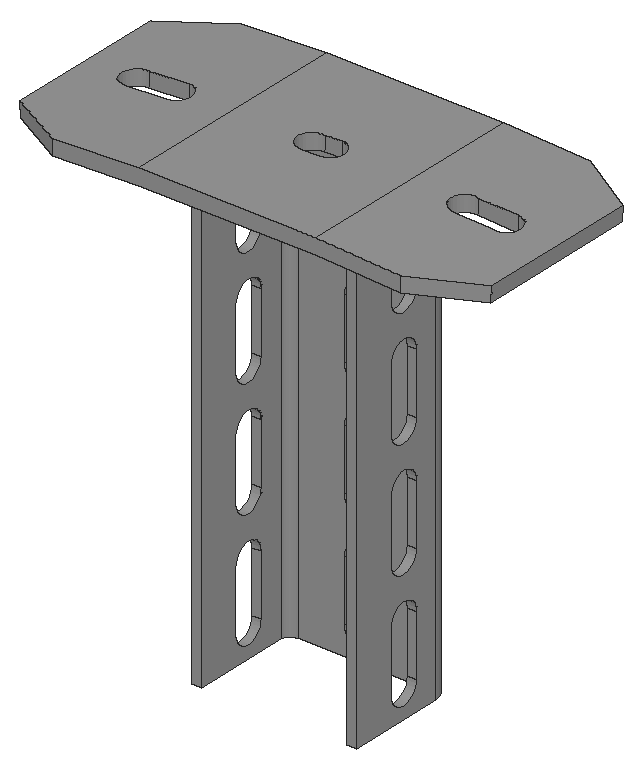
Revit family "Hängestiel - US 7 K 20 FT SO", category Generic Models, Revit 2017
Family settings
  Can host rebar = No
  Round Connector Dimension = Use Diameter
  Part Type = Normal
  Work Plane-Based = No
  Always vertical = Yes
  Cut with Voids When Loaded = No
  Shared = No
  Room Calculation Point = No
Parameters (values of type "US 7 K 20 FT SO")
  URL = "http://www.obo.bettermann.com"
  Material = Hot dip galvanised
  Manufacturer Art.No. = "7193645"
  Manufacturer = "OBO BETTERMANN"
  Length = 200 mm
  GTIN = "4012195019664"
  Cut's space = 50 mm
  Cut's number = Length / Cut's space  # 4
  Article Type = "US 7 K 20 FT SO"
Types (11, lengths in mm): name | Manufacturer Art.No. | Length | GTIN | Cut's number | Article Type
  (no name) | "7193645" | 200 | "4012195019664" | 4 | "US 7 K 20 FT SO"
  US 7 K 30 FT SO | "7193647" | 300 | "4012195019688" | 6 | "US 7 K 30 FT SO"
  US 7 K 20 FT SO | "7193645" | 200 | "4012195019664" | 4 | "US 7 K 20 FT SO"
  US 7 K 40 FT SO | "7193649" | 400 | "4012195019725" | 8 | "US 7 K 40 FT SO"
  US 7 K 50 FT SO | "7193651" | 500 | "4012195019787" | 10 | "US 7 K 50 FT SO"
  US 7 K 60 FT SO | "7193653" | 600 | "4012195019800" | 12 | "US 7 K 60 FT SO"
  US 7 K 70 FT SO | "7193655" | 700 | "4012195019848" | 14 | "US 7 K 70 FT SO"
  US 7 K 80 FT SO | "7193657" | 800 | "4012195019909" | 16 | "US 7 K 80 FT SO"
  US 7 K 90 FT SO | "7193659" | 900 | "4012195019923" | 18 | "US 7 K 90 FT SO"
  US 7 K 100 FT SO | "7193661" | 1000 | "4012196176175" | 20 | "US 7 K 100 FT SO"
  US 7 K 120 FT SO | "7193665" | 1200 | "4012195020028" | 24 | "US 7 K 120 FT SO"
Reference planes
  plane 1 "Center (Front/Back)": y = 0
  plane 2: z = 0
  plane 3 "Center (Left/Right)": x = 0
  plane 4: x = -100
  plane 5: x = 100
  plane 6: x = -37.5
  plane 7: x = 37.5
  plane 8: y = 100
  plane 9: y = 50
  plane 10: y = 85
  plane 11: y = 15
  plane 12: y = 85
  plane 13: y = 15
  plane 14: y = 50
  plane 15: x = -70
  plane 16: x = 70
  plane 17: y = 50
  plane 18: x = -70
  plane 19: x = 70
  plane 20: y = 50
  plane 21: y = 75
  plane 22: y = 25
  plane 23: x = 35
  plane 24: x = -35
  plane 25: z = -200
  plane 26: z = -5
  plane 27: z = -25
  plane 28: x = 0
  plane 29: z = -55
  plane 30: z = -75
  plane 31: x = 0
  plane 32: z = -105
  plane 33: z = -125
  plane 34: x = 0
  plane 35: z = -155
  plane 36: z = -175
  plane 37: x = 0
  plane 38: z = -5
  plane 39: y = 50
  plane 40: z = -25
  plane 41: z = -55
  plane 42: y = 50
  plane 43: z = -75
  plane 44: z = -105
  plane 45: y = 50
  plane 46: z = -125
  plane 47: z = -155
  plane 48: y = 50
  plane 49: z = -175
  plane 50: z = -5
  plane 51: y = 50.046
  plane 52: z = -25
  plane 53: z = -55
  plane 54: y = 50.046
  plane 55: z = -75
  plane 56: z = -105
  plane 57: y = 50.046
  plane 58: z = -125
  plane 59: z = -155
  plane 60: y = 50.046
  plane 61: z = -175
Forms (mm)
  Extrusion 1, solid, material "Hot dip galvanised" <- "Material"
    sketch origin (0, 0, 0) x (1, 0, 0) y (0, 0, 1)
      loop
        line (-37.5, 0) -> (37.5, 0) -> (100, -3.002) -> (100.312, 3.49) -> (37.656, 6.5) -> (-37.656, 6.5) -> (-100.312, 3.49) -> (-100, -3.002) -> (-37.5, 0)
    from 0 to -100
  Extrusion 2, void
    sketch origin (0, 0, 0) x (1, 0, 0) y (0, 1, 0)
      loop
        line (-100.312, 85) -> (-74.331, 100) -> (-100.312, 100) -> (-100.312, 85)
      loop
        line (-100.312, 15.18) -> (-100.312, 0) -> (-74.019, 0) -> (-100.312, 15.18)
      loop
        line (100.312, 84.82) -> (100.312, 100) -> (74.019, 100) -> (100.312, 84.82)
      loop
        line (100.312, 15.18) -> (74.019, 0) -> (100.312, 0) -> (100.312, 15.18)
    from -6.333 to 6.5
  Extrusion 3, void
    sketch origin (0, 0, 0) x (1, 0, 0) y (0, 1, 0)
      loop
        arc (-3.5, 56.5) -> (-10, 50) -> (-3.5, 43.5) r 6.5
        line (-3.5, 43.5) -> (3.5, 43.5)
        arc (3.5, 43.5) -> (10, 50) -> (3.5, 56.5) r 6.5
        line (3.5, 56.5) -> (-3.5, 56.5)
    from 0 to 6.5
  Extrusion 4, void
    sketch origin (0, 0, 0) x (1, 0, 0) y (0, 1, 0)
      loop
        arc (61.5, 56.5) -> (55, 50) -> (61.5, 43.5) r 6.5
        line (61.5, 43.5) -> (78.5, 43.5)
        arc (78.5, 43.5) -> (85, 50) -> (78.5, 56.5) r 6.5
        line (78.5, 56.5) -> (61.5, 56.5)
      loop
        arc (-78.5, 56.5) -> (-85, 50) -> (-78.5, 43.5) r 6.5
        line (-78.5, 43.5) -> (-61.5, 43.5)
        arc (-61.5, 43.5) -> (-55, 50) -> (-61.5, 56.5) r 6.5
        line (-61.5, 56.5) -> (-78.5, 56.5)
    from -6.333 to 6.5
  Extrusion 5, solid, material "Hot dip galvanised" <- "Material"
    sketch origin (0, 0, 0) x (1, 0, 0) y (0, 1, 0)
      loop
        line (-35, 25) -> (-31, 25) -> (-31, 67)
        arc (-31, 67) -> (-29.828, 69.828) -> (-27, 71) r 4
        line (-27, 71) -> (27, 71)
        arc (27, 71) -> (29.828, 69.828) -> (31, 67) r 4
        line (31, 67) -> (31, 25) -> (35, 25) -> (35, 67)
        arc (35, 67) -> (32.657, 72.657) -> (27, 75) r 8
        line (27, 75) -> (-27, 75)
        arc (-27, 75) -> (-32.657, 72.657) -> (-35, 67) r 8
        line (-35, 67) -> (-35, 25)
    from 0 to -200
  Extrusion 6, void
    sketch origin (0, 0, 0) x (1, 0, 0) y (0, 0, 1)
      loop
        arc (-7, -38) -> (0, -45) -> (7, -38) r 7
        line (7, -38) -> (7, -12)
        arc (7, -12) -> (0, -5) -> (-7, -12) r 7
        line (-7, -12) -> (-7, -38)
    from -71 to -75
  Extrusion 7, void
    sketch origin (0, 0, -50) x (1, 0, 0) y (0, 0, 1)
      loop
        arc (-7, -38) -> (0, -45) -> (7, -38) r 7
        line (7, -38) -> (7, -12)
        arc (7, -12) -> (0, -5) -> (-7, -12) r 7
        line (-7, -12) -> (-7, -38)
    from -71 to -75
  Extrusion 8, void
    sketch origin (0, 0, -100) x (1, 0, 0) y (0, 0, 1)
      loop
        arc (-7, -38) -> (0, -45) -> (7, -38) r 7
        line (7, -38) -> (7, -12)
        arc (7, -12) -> (0, -5) -> (-7, -12) r 7
        line (-7, -12) -> (-7, -38)
    from -71 to -75
  Extrusion 9, void
    sketch origin (0, 0, -150) x (1, 0, 0) y (0, 0, 1)
      loop
        arc (-7, -38) -> (0, -45) -> (7, -38) r 7
        line (7, -38) -> (7, -12)
        arc (7, -12) -> (0, -5) -> (-7, -12) r 7
        line (-7, -12) -> (-7, -38)
    from -71 to -75
  Extrusion 10, void
    sketch origin (0, 0, 0) x (0, 1, 0) y (0, 0, 1)
      loop
        line (57, -38) -> (57, -12.136)
        arc (57, -12.136) -> (50, -5.136) -> (43, -12.136) r 7
        line (43, -12.136) -> (43, -38)
        arc (43, -38) -> (50, -45) -> (57, -38) r 7
    from -31 to -35
  Extrusion 11, void
    sketch origin (0, 0, -50) x (0, 1, 0) y (0, 0, 1)
      loop
        line (57, -38) -> (57, -12.136)
        arc (57, -12.136) -> (50, -5.136) -> (43, -12.136) r 7
        line (43, -12.136) -> (43, -38)
        arc (43, -38) -> (50, -45) -> (57, -38) r 7
    from -31 to -35
  Extrusion 12, void
    sketch origin (0, 0, -100) x (0, 1, 0) y (0, 0, 1)
      loop
        line (57, -38) -> (57, -12.136)
        arc (57, -12.136) -> (50, -5.136) -> (43, -12.136) r 7
        line (43, -12.136) -> (43, -38)
        arc (43, -38) -> (50, -45) -> (57, -38) r 7
    from -31 to -35
  Extrusion 13, void
    sketch origin (0, 0, -150) x (0, 1, 0) y (0, 0, 1)
      loop
        line (57, -38) -> (57, -12.136)
        arc (57, -12.136) -> (50, -5.136) -> (43, -12.136) r 7
        line (43, -12.136) -> (43, -38)
        arc (43, -38) -> (50, -45) -> (57, -38) r 7
    from -31 to -35
  Extrusion 14, void
    sketch origin (0, 0, 0) x (0, 1, 0) y (0, 0, 1)
      loop
        arc (43.046, -38) -> (50.046, -45) -> (57.046, -38) r 7
        line (57.046, -38) -> (57.046, -12)
        arc (57.046, -12) -> (50.046, -5) -> (43.046, -12) r 7
        line (43.046, -12) -> (43.046, -38)
    from 31 to 35
  Extrusion 15, void
    sketch origin (0, 0, -50) x (0, 1, 0) y (0, 0, 1)
      loop
        arc (43.046, -38) -> (50.046, -45) -> (57.046, -38) r 7
        line (57.046, -38) -> (57.046, -12)
        arc (57.046, -12) -> (50.046, -5) -> (43.046, -12) r 7
        line (43.046, -12) -> (43.046, -38)
    from 31 to 35
  Extrusion 16, void
    sketch origin (0, 0, -100) x (0, 1, 0) y (0, 0, 1)
      loop
        arc (43.046, -38) -> (50.046, -45) -> (57.046, -38) r 7
        line (57.046, -38) -> (57.046, -12)
        arc (57.046, -12) -> (50.046, -5) -> (43.046, -12) r 7
        line (43.046, -12) -> (43.046, -38)
    from 31 to 35
  Extrusion 17, void
    sketch origin (0, 0, -150) x (0, 1, 0) y (0, 0, 1)
      loop
        arc (43.046, -38) -> (50.046, -45) -> (57.046, -38) r 7
        line (57.046, -38) -> (57.046, -12)
        arc (57.046, -12) -> (50.046, -5) -> (43.046, -12) r 7
        line (43.046, -12) -> (43.046, -38)
    from 31 to 35
Cuts and joins
  Extrusion 2, Extrusion 3, Extrusion 4 cuts Extrusion 1
  Extrusion 6, Extrusion 7, Extrusion 8, Extrusion 9, Extrusion 10, Extrusion 11, Extrusion 12, Extrusion 13, Extrusion 14, Extrusion 15, Extrusion 16, Extrusion 17 cuts Extrusion 5
Dimensions and locks
  locked: Extrusion 1 sketch curve to Extrusion 1 sketch curve at 200
  locked: Extrusion 1 sketch curve to Extrusion 1 sketch curve at 6.5  (x3)
  locked: Extrusion 1 sketch curve to level at 3.49  (x2)
  locked: plane 1 "Center (Front/Back)" to plane 8 at 100
  locked: plane 1 "Center (Front/Back)" to plane 9 at 50
  plane 3 "Center (Left/Right)" to plane 16 = 70 mm
  plane 15 to plane 3 "Center (Left/Right)" = 70 mm
  locked: Extrusion 3 sketch curve to Extrusion 3 sketch curve at 13
  locked: plane 14 to Extrusion 3 sketch curve at 6.5
  locked: Extrusion 3 sketch curve to plane 3 "Center (Left/Right)" at 10
  locked: plane 3 "Center (Left/Right)" to Extrusion 3 sketch curve at 10
  locked: cut or joined group of Extrusion 1, Extrusion 2, Extrusion 3, Extrusion 4 to plane 17 at 50
  plane 3 "Center (Left/Right)" to plane 19 = 70 mm
  locked: Extrusion 4 sketch curve to Extrusion 4 sketch curve at 13  (x2)
  locked: plane 17 to Extrusion 4 sketch curve at 6.5  (x2)
  locked: plane 19 to Extrusion 4 sketch curve at 15
  locked: Extrusion 4 sketch curve to plane 19 at 15
  locked: Extrusion 4 sketch curve to plane 18 at 15
  locked: plane 18 to Extrusion 4 sketch curve at 15
  locked: cut or joined group of Extrusion 1, Extrusion 2, Extrusion 3, Extrusion 4 to plane 20 at 50
  locked: Extrusion 5 sketch curve to Extrusion 5 sketch curve at 50  (x2)
  locked: Extrusion 5 sketch curve to Extrusion 5 sketch curve at 4
  locked: Extrusion 5 sketch curve to Extrusion 5 sketch curve at 62
  locked: Extrusion 5 sketch curve to Extrusion 5 sketch curve at 70
  "Length": level to plane 25
  Extrusion 5 to plane 28 = 35 mm
  locked: Extrusion 6 sketch curve to Extrusion 6 sketch curve at 14
  locked: plane 28 to Extrusion 6 sketch curve at 7
  locked: Extrusion 6 sketch curve to plane 27 at 20
  locked: plane 27 to Extrusion 6 sketch curve at 20
  locked: Extrusion 7 sketch curve to Extrusion 7 sketch curve at 14
  locked: plane 31 to Extrusion 7 sketch curve at 7
  locked: Extrusion 7 sketch curve to plane 30 at 20
  locked: plane 30 to Extrusion 7 sketch curve at 20
  equal spacing: group 1, group 2, group 3, group 4  (x2)
  equal spacing: group 4, group 3, group 2, group 1
  locked: Extrusion 8 sketch curve to Extrusion 8 sketch curve at 14
  locked: plane 34 to Extrusion 8 sketch curve at 7
  locked: Extrusion 8 sketch curve to plane 33 at 20
  locked: plane 33 to Extrusion 8 sketch curve at 20
  locked: Extrusion 9 sketch curve to Extrusion 9 sketch curve at 14
  locked: plane 37 to Extrusion 9 sketch curve at 7
  locked: Extrusion 9 sketch curve to plane 36 at 20
  locked: plane 36 to Extrusion 9 sketch curve at 20
  locked: Extrusion 10 sketch curve to Extrusion 10 sketch curve at 14
  locked: Extrusion 10 sketch curve to plane 39 at 7
  locked: plane 38 to plane 40 at 20
  locked: plane 40 to Extrusion 10 sketch curve at 20
  locked: Extrusion 11 sketch curve to Extrusion 11 sketch curve at 14
  locked: Extrusion 11 sketch curve to plane 42 at 7
  locked: plane 41 to plane 43 at 20
  locked: plane 43 to Extrusion 11 sketch curve at 20
  equal spacing: group 5, group 6, group 7, group 8  (x2)
  equal spacing: group 8, group 7, group 6, group 5
  locked: Extrusion 12 sketch curve to Extrusion 12 sketch curve at 14
  locked: Extrusion 12 sketch curve to plane 45 at 7
  locked: plane 44 to plane 46 at 20
  locked: plane 46 to Extrusion 12 sketch curve at 20
  locked: Extrusion 13 sketch curve to Extrusion 13 sketch curve at 14
  locked: Extrusion 13 sketch curve to plane 48 at 7
  locked: plane 47 to plane 49 at 20
  locked: plane 49 to Extrusion 13 sketch curve at 20
  locked: Extrusion 14 sketch curve to Extrusion 14 sketch curve at 14
  locked: plane 51 to Extrusion 14 sketch curve at 7
  locked: Extrusion 14 sketch curve to plane 52 at 20
  locked: plane 52 to Extrusion 14 sketch curve at 20
  locked: Extrusion 15 sketch curve to Extrusion 15 sketch curve at 14
  locked: plane 54 to Extrusion 15 sketch curve at 7
  locked: Extrusion 15 sketch curve to plane 55 at 20
  locked: plane 55 to Extrusion 15 sketch curve at 20
  equal spacing: group 9, group 10, group 11, group 12  (x2)
  equal spacing: group 12, group 11, group 10, group 9
  locked: Extrusion 16 sketch curve to Extrusion 16 sketch curve at 14
  locked: plane 57 to Extrusion 16 sketch curve at 7
  locked: Extrusion 16 sketch curve to plane 58 at 20
  locked: plane 58 to Extrusion 16 sketch curve at 20
  locked: Extrusion 17 sketch curve to Extrusion 17 sketch curve at 14
  locked: plane 60 to Extrusion 17 sketch curve at 7
  locked: Extrusion 17 sketch curve to plane 61 at 20
  locked: plane 61 to Extrusion 17 sketch curve at 20
  locked: Extrusion 1 sketch curve to level (angle 2.75°)
  locked: level to Extrusion 1 sketch curve (angle 2.75°)
  locked: Extrusion 1 to Extrusion 2 sketch curve (angle 30.00°)
  locked: Extrusion 2 sketch curve to Extrusion 1 (angle 30.00°)
  aligned and locked: level to plane 2
  aligned and locked: plane 5 to Extrusion 1 sketch curve
  aligned and locked: plane 8 to Extrusion 1
  aligned and locked: plane 1 "Center (Front/Back)" to Extrusion 1
  aligned and locked: Extrusion 2 to Extrusion 1  (x4)
  aligned and locked: Extrusion 1 to Extrusion 2  (x3)
  aligned and locked: Extrusion 3 to level
  aligned and locked: Extrusion 2 to Extrusion 4
  aligned and locked: Extrusion 4 to Extrusion 1
  aligned and locked: plane 22 to Extrusion 5 sketch curve
  aligned and locked: level to Extrusion 5
  aligned and locked: Extrusion 5 to plane 25
  aligned and locked: Extrusion 5 to Extrusion 6  (x2)
  aligned and locked: cut or joined group 1 (Extrusion 5, Extrusion 6, Extrusion 7, Extrusion 8, Extrusion 9, Extrusion 10, Extrusion 11, Extrusion 12, Extrusion 13, Extrusion 14, Extrusion 15, Extrusion 16, Extrusion 17) to cut or joined group 1  (x10)
  aligned and locked: Extrusion 5 to Extrusion 10  (x2)
  aligned and locked: Extrusion 5 to Extrusion 14  (x2)
Automatic sketch dimensions
  Extrusion 1 sketch curve to level = 0 mm
  Extrusion 2 sketch curve to plane 10 = 0 mm
  plane 1 "Center (Front/Back)" to Extrusion 2 sketch curve = 0 mm  (x2)
  Extrusion 2 sketch curve to plane 8 = 0 mm  (x2)
  Extrusion 2 sketch curve to plane 3 "Center (Left/Right)" = 100.312 mm
  Extrusion 2 sketch curve to Extrusion 2 sketch curve = 0 mm
  Extrusion 2 sketch curve to Extrusion 2 sketch curve = 26.293 mm  (x3)
  plane 3 "Center (Left/Right)" to Extrusion 2 sketch curve = 74.019 mm  (x2)
  Extrusion 2 sketch curve to plane 10 = 0.18 mm
  plane 11 to Extrusion 2 sketch curve = 0.18 mm
  Extrusion 5 sketch curve to Extrusion 5 sketch curve = 0 mm  (x3)
  Extrusion 5 sketch curve to plane 24 = 0 mm
  plane 24 to Extrusion 5 sketch curve = 8 mm
  Extrusion 5 sketch curve to Extrusion 5 sketch curve = 4 mm
  Extrusion 10 sketch curve to plane 38 = 7.136 mm
  Extrusion 11 sketch curve to plane 41 = 7.136 mm
  Extrusion 12 sketch curve to plane 44 = 7.136 mm
  Extrusion 13 sketch curve to plane 47 = 7.136 mm
